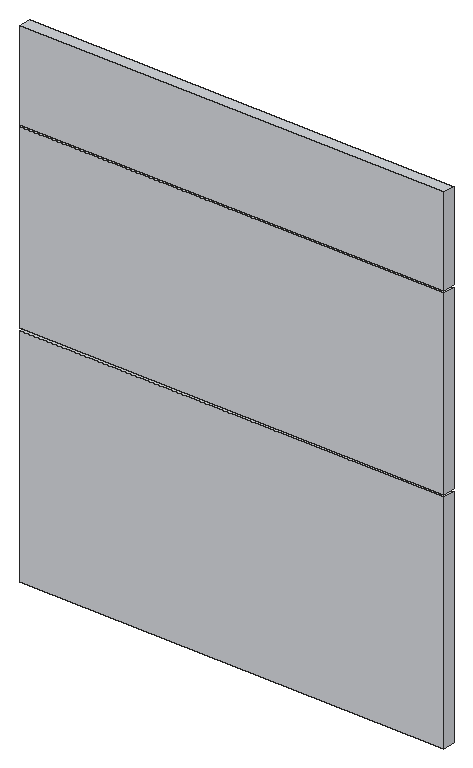
Revit family "Front - 3 Drawers", category Casework, Revit 2023
Family settings
  Work Plane-Based = No
  Always vertical = Yes
  Cut with Voids When Loaded = No
  Shared = No
  Room Calculation Point = No
Parameters (values of type "Front - 3 Drawers")
  Width = 600 mm
  Swing = yes
  Height = 704 mm
  Front Finish = none
  Depth = 16 mm
  Default Elevation = 0 mm
  Creator Organization [instance] = "© Danish Educational Content"  # constant formula
  Creator Name [instance] = "© Erik Falck Jørgensen"  # constant formula
  Creator Build [instance] = "2018.0420.0"  # constant formula
  Assembly Code = ""
Reference planes
  plane 1 "Front": y = 0
  plane 2: z = 0
  plane 3 "Center (Left/Right)": x = 0
  plane 4: x = -300
  plane 5: x = 300
  plane 6: z = 704
  plane 7: z = 576
  plane 8: z = 320
  plane 9: z = 576
  plane 10: z = 320
Forms (mm)
  Extrusion 1, solid, material <- "Front Finish"
    sketch origin (0, 0, 0) x (1, 0, 0) y (0, 0, 1)
      loop
        line (-297, 701) -> (-297, 3) -> (297, 3) -> (297, 701) -> (-297, 701)
    from 0 to 16 <- "Depth"
  Extrusion 2, void
    sketch origin (0, 0, 0) x (0, 1, 0) y (0, 0, 1)
      loop
        line (0, 577.5) -> (-16, 577.5) -> (-16, 574.5) -> (0, 574.5) -> (0, 577.5)
    from -300 to 300
  Extrusion 3, void
    sketch origin (0, 0, -256) x (0, 1, 0) y (0, 0, 1)
      loop
        line (0, 577.5) -> (-16, 577.5) -> (-16, 574.5) -> (0, 574.5) -> (0, 577.5)
    from -300 to 300
Cuts and joins
  Extrusion 2, Extrusion 3 cuts Extrusion 1
Lines and regions (mm)
  symbolic lines, style "Elevation Swing", visible <- "Swing"
    curve 1: line (-279.787, -35.011, 0) -> (279.787, -35.011, 0)
    curve 2: line (-259.597, -69.981, 0) -> (259.597, -69.981, 0)
    curve 3: line (-239.407, -104.951, 0) -> (239.407, -104.951, 0)
  symbolic lines, style "InvisibleLines"
    curve 4: line (-300, 0, 0) -> (-199.009, -174.921, 0)
    curve 5: line (300, 0, 0) -> (199.009, -174.921, 0)
  reference lines
    curve 6: line (-300, 0, 0) -> (-100, -346.41, 0)
    curve 7: line (300, 0, 0) -> (102.5, -342.08, 0)
Dimensions and locks
  equal spacing: plane 4, plane 3 "Center (Left/Right)", plane 5
  "Width": plane 4 to plane 5
  "Height": plane 6 to plane 2
  locked: Extrusion 1 sketch curve to plane 2 at 3
  locked: plane 6 to Extrusion 1 sketch curve at 3
  locked: Extrusion 1 sketch curve to plane 4 at 3
  locked: plane 5 to Extrusion 1 sketch curve at 3
  plane 6 to plane 7 to plane 8 to plane 2 = 128 mm, 256 mm, 320 mm
  equal spacing: Extrusion 2 sketch curve, plane 9, Extrusion 2 sketch curve
  locked: Extrusion 2 sketch curve to Extrusion 2 sketch curve at 3
  equal spacing: Extrusion 3 sketch curve, plane 10, Extrusion 3 sketch curve
  locked: Extrusion 3 sketch curve to Extrusion 3 sketch curve at 3
  curve 3 to curve 2 to curve 1 to plane 1 "Front" = 34.97 mm locked, 34.97 mm locked, 35.011 mm locked
  locked: plane 4 to curve 6 (angle 30.00°)
  locked: curve 7 to plane 5 (angle 30.00°)
  aligned and locked: level to plane 2
  aligned and locked: Extrusion 2 sketch curve to Extrusion 1  (x2)
  aligned and locked: plane 7 to plane 9
  aligned and locked: plane 8 to plane 10
  aligned and locked: cut or joined group of Extrusion 1, Extrusion 2, Extrusion 3 to plane 4  (x2)
  aligned: cut or joined group of Extrusion 1, Extrusion 2, Extrusion 3 to plane 4  (x2)
  aligned: plane 5 to cut or joined group of Extrusion 1, Extrusion 2, Extrusion 3  (x2)
  aligned and locked: plane 5 to cut or joined group of Extrusion 1, Extrusion 2, Extrusion 3  (x2)
  aligned and locked: curve 7 to curve 5
  aligned and locked: curve 4 to curve 6
Automatic sketch dimensions
  Extrusion 3 sketch curve to plane 1 "Front" = 0 mm
  Extrusion 3 sketch curve to Extrusion 3 sketch curve = 16 mm
  plane 1 "Front" to curve 6 = 0 mm
  curve 6 to plane 4 = 0 mm
  plane 1 "Front" to curve 7 = 0 mm
  curve 7 to plane 5 = 0 mm
  plane 1 "Front" to curve 4 = 0 mm
  plane 1 "Front" to curve 5 = 0 mm
  curve 3 to curve 4 = 40.397 mm
  curve 5 to curve 3 = 40.397 mm
